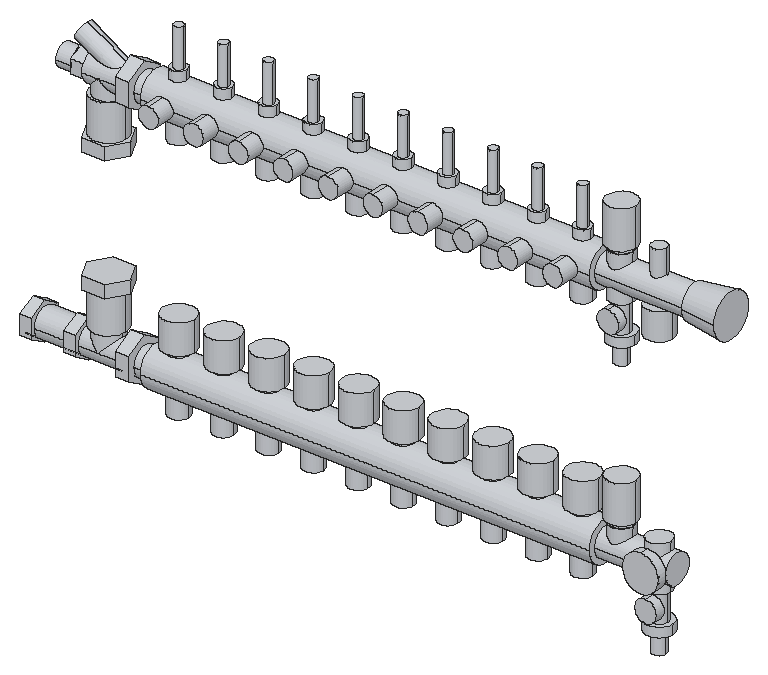
Revit family "318_1dab38ccfa9a4ba2b3cf6a35155c10", category Pipe Accessories, Revit 2017
Family settings
  Round Connector Dimension = Use Diameter
  Part Type = Valve - Normal
  Work Plane-Based = No
  Always vertical = Yes
  Cut with Voids When Loaded = No
  Shared = No
Parameters (values of type "R557FY010")
  magi_piping_qv_2_9 [instance] = 0.0 L/s
  magi_piping_qv_2_8 [instance] = 0.0 L/s
  magi_piping_qv_2_7 [instance] = 0.0 L/s
  magi_piping_qv_2_6 [instance] = 0.0 L/s
  magi_piping_qv_2_5 [instance] = 0.0 L/s
  magi_piping_qv_2_4 [instance] = 0.0 L/s
  magi_piping_qv_2_3 [instance] = 0.0 L/s
  magi_piping_qv_2_2 [instance] = 0.0 L/s
  magi_piping_qv_2_10 [instance] = 0.0 L/s
  magi_piping_qv_2_1 [instance] = 0.0 L/s
  magi_piping_qv_1_9 [instance] = 0.0 L/s
  magi_piping_qv_1_8 [instance] = 0.0 L/s
  magi_piping_qv_1_7 [instance] = 0.0 L/s
  magi_piping_qv_1_6 [instance] = 0.0 L/s
  magi_piping_qv_1_5 [instance] = 0.0 L/s
  magi_piping_qv_1_4 [instance] = 0.0 L/s
  magi_piping_qv_1_3 [instance] = 0.0 L/s
  magi_piping_qv_1_2 [instance] = 0.0 L/s
  magi_piping_qv_1_10 [instance] = 0.0 L/s
  magi_piping_qv_1_1 [instance] = 0.0 L/s
  magi_piping_qv [instance] = 0.0 L/s
  magi_piping_power_9 [instance] = 0 W
  magi_piping_power_8 [instance] = 0 W
  magi_piping_power_7 [instance] = 0 W
  magi_piping_power_6 [instance] = 0 W
  magi_piping_power_5 [instance] = 0 W
  magi_piping_power_4 [instance] = 0 W
  magi_piping_power_3 [instance] = 0 W
  magi_piping_power_2 [instance] = 0 W
  magi_piping_power_10 [instance] = 0 W
  magi_piping_power_1 [instance] = 0 W
  magi_piping_kv_9 [instance] = 0
  magi_piping_kv_8 [instance] = 0
  magi_piping_kv_7 [instance] = 0
  magi_piping_kv_6 [instance] = 0
  magi_piping_kv_5 [instance] = 0
  magi_piping_kv_4 [instance] = 0
  magi_piping_kv_3 [instance] = 0
  magi_piping_kv_2 [instance] = 0
  magi_piping_kv_10 [instance] = 0
  magi_piping_kv_1 [instance] = 0
  magi_piping_dpTot_9 [instance] = 0.0 Pa
  magi_piping_dpTot_8 [instance] = 0.0 Pa
  magi_piping_dpTot_7 [instance] = 0.0 Pa
  magi_piping_dpTot_6 [instance] = 0.0 Pa
  magi_piping_dpTot_5 [instance] = 0.0 Pa
  magi_piping_dpTot_4 [instance] = 0.0 Pa
  magi_piping_dpTot_3 [instance] = 0.0 Pa
  magi_piping_dpTot_2 [instance] = 0.0 Pa
  magi_piping_dpTot_10 [instance] = 0.0 Pa
  magi_piping_dpTot_1 [instance] = 0.0 Pa
  magi_adjustmentValue_9 [instance] = ""
  magi_adjustmentValue_8 [instance] = ""
  magi_adjustmentValue_7 [instance] = ""
  magi_adjustmentValue_6 [instance] = ""
  magi_adjustmentValue_5 [instance] = ""
  magi_adjustmentValue_4 [instance] = ""
  magi_adjustmentValue_3 [instance] = ""
  magi_adjustmentValue_2 [instance] = ""
  magi_adjustmentValue_10 [instance] = ""
  magi_adjustmentValue_1 [instance] = ""
  magiProductId = "1dab38ccfa9a4ba2b3cf6a35155c10"
  magiProductFamilyId = "1dab38ccfa9a4ba2b3cf6a35155c10"
  magiProductCode = "R557FY010"
  magiPartTypeId = 318
  X1 = 127 mm
  VersionID = "2.0/2016.10.37.0/GIACOMINI_R557FY_001"
  VL2__ve = -VL2  # -137 mm
  VL2 = 137 mm
  VL1 = 102 mm
  URL = "http://www.giacomini.com/en"
  SMP = 25 mm
  SBP9 = 18 mm
  SBP8 = 18 mm
  SBP7 = 18 mm
  SBP6 = 18 mm
  SBP5 = 18 mm
  SBP4 = 18 mm
  SBP3 = 18 mm
  SBP2 = 18 mm
  SBP12 = 18 mm
  SBP11 = 18 mm
  SBP10 = 18 mm
  SBP1 = 18 mm
  RMP = 25 mm
  RBP9 = 18 mm
  RBP8 = 18 mm
  RBP7 = 18 mm
  RBP6 = 18 mm
  RBP5 = 18 mm
  RBP4 = 18 mm
  RBP3 = 18 mm
  RBP2 = 18 mm
  RBP12 = 18 mm
  RBP11 = 18 mm
  RBP10 = 18 mm
  RBP1 = 18 mm
  R2 = 22 mm
  QmdConnectorList = "321;SMP;322;SBP1;323;SBP2;324;SBP3;325;SBP4;326;SBP5;327;SBP6;328;SBP7;329;SBP8;330;SBP9;331;SBP10;351;RMP;352;RBP1;353;RBP2;354;RBP3;355;RBP4;356;RBP5;357;RBP6;358;RBP7;359;RBP8;360;RBP9;361;RBP10"
  Productdata [instance] = "© Progman Oy, all rights reserved"
  N9 = yes
  N8 = yes
  N7 = yes
  N6 = yes
  N5 = yes
  N4 = yes
  N3 = yes
  N12 = no
  N11 = no
  N10 = yes
  Manufacturer = "Giacomini"
  MC_Default_elevation = 0 mm
  L = 500 mm
  I = 50 mm
  H5 = 33 mm
  H4 = 5 mm
  H3__ve = -H3  # -40 mm
  H3 = 40 mm
  H2__ve = -H2  # -20 mm
  H2 = 20 mm
  H12 = 42 mm
  H11 = 10 mm
  Flow supply main [instance] = Flow supply 1 + Flow supply 2 + Flow supply 3 + Flow supply 4 + Flow supply 5 + Flow supply 6 + Flow supply 7 + Flow supply 8 + Flow supply 9 + Flow supply 10  # 0.0 L/s
  Flow supply 9 [instance] = 0.0 L/s
  Flow supply 8 [instance] = 0.0 L/s
  Flow supply 7 [instance] = 0.0 L/s
  Flow supply 6 [instance] = 0.0 L/s
  Flow supply 5 [instance] = 0.0 L/s
  Flow supply 4 [instance] = 0.0 L/s
  Flow supply 3 [instance] = 0.0 L/s
  Flow supply 2 [instance] = 0.0 L/s
  Flow supply 10 [instance] = 0.0 L/s
  Flow supply 1 [instance] = 0.0 L/s
  Flow return main [instance] = Flow return 1 + Flow return 2 + Flow return 3 + Flow return 4 + Flow return 5 + Flow return 6 + Flow return 7 + Flow return 8 + Flow return 9 + Flow return 10  # 0.0 L/s
  Flow return 9 [instance] = 0.0 L/s
  Flow return 8 [instance] = 0.0 L/s
  Flow return 7 [instance] = 0.0 L/s
  Flow return 6 [instance] = 0.0 L/s
  Flow return 5 [instance] = 0.0 L/s
  Flow return 4 [instance] = 0.0 L/s
  Flow return 3 [instance] = 0.0 L/s
  Flow return 2 [instance] = 0.0 L/s
  Flow return 10 [instance] = 0.0 L/s
  Flow return 1 [instance] = 0.0 L/s
  E = 274 mm
  Description = "PREASSEMBLED MANIFOLD WITH FLOW METERS"
  D4 = 22 mm
  D32 = 10 mm
  D31 = 18 mm
  D2 = 44 mm
  CAT0 = yes
Reference planes
  plane 1 "Center (Front/Back)": y = 0
  plane 2 "XYPLANE": z = 0
  plane 3 "Center (Left/Right)": x = 0
  plane 4 "INIT_TEMP": y = 100
  plane 5 "386": y = -16
  plane 6 "385": z = -41
  plane 7 "384": z = -67
  plane 8 "383": z = -57
  plane 9 "382": y = -9
  plane 10 "381": z = -315
  plane 11 "380": z = -341
  plane 12 "379": z = -331
  plane 13 "378": z = -213
  plane 14 "377": z = -253
  plane 15 "376": z = -61
  plane 16 "375": z = -21
  plane 17 "374": x = 49
  plane 18 "373": x = 77
  plane 19 "372": x = 17
  plane 20 "371": x = 32
  plane 21 "370": x = -35
  plane 22 "369": x = 27
  plane 23 "368": x = 89
  plane 24 "367": x = -35
  plane 25 "366": x = 102
  plane 26 "365": z = -314
  plane 27 "364": z = -247
  plane 28 "363": z = -252
  plane 29 "362": z = -40
  plane 30 "361": x = 0
  plane 31 "360": y = 0
  plane 32 "359": z = -274
  plane 33 "358": z = 0
  plane 34 "357": z = 22
  plane 35 "356": x = 127
  plane 36 "355": x = 177
  plane 37 "354": y = -22
  plane 38 "353": x = 227
  plane 39 "352": z = 32
  plane 40 "351": x = 277
  plane 41 "350": x = 327
  plane 42 "349": x = 377
  plane 43 "348": x = 427
  plane 44 "347": x = 477
  plane 45 "346": x = 527
  plane 46 "345": x = 577
  plane 47 "344": x = 627
  plane 48 "343": x = 677
  plane 49 "342": x = 602
  plane 50 "341": x = 702
  plane 51 "340": x = 742
  plane 52 "339": x = 620
  plane 53 "338": z = -25
  plane 54 "337": z = 25
  plane 55 "336": z = 30
  plane 56 "335": z = -249
  plane 57 "334": z = -244
  plane 58 "333": z = -16
  plane 59 "332": x = 662
  plane 60 "331": z = -299
  plane 61 "1099": through (77, -750, 0) normal (0.866, 0, -0.5)
Forms (mm)
  Extrusion 1, solid
    sketch origin (750, -16, 0) x (-1, 0, 0) y (0, 0, 1)
      loop
        circle (88, -274) r 20
    from 0 to -10
  Extrusion 2, solid
    sketch origin (-750, 0, -67) x (1, 0, 0) y (0, 1, 0)
      loop
        circle (1370, 0) r 7.5
    from 0 to -22
  Extrusion 3, solid
    sketch origin (750, -9, 0) x (-1, 0, 0) y (0, 0, 1)
      loop
        circle (130, -41) r 12
    from 0 to -10
  Extrusion 4, solid
    sketch origin (750, -9, 0) x (-1, 0, 0) y (0, 0, 1)
      loop
        circle (88, -315) r 12
    from 0 to -10
  Extrusion 5, solid
    sketch origin (-750, 0, -341) x (1, 0, 0) y (0, 1, 0)
      loop
        circle (1412, 0) r 7.5
    from 0 to -22
  Extrusion 6, solid
    sketch origin (-750, 0, -57) x (1, 0, 0) y (0, 1, 0)
      loop
        circle (1370, 0) r 15
    from 0 to -10
  Extrusion 7, solid
    sketch origin (-750, 0, -331) x (1, 0, 0) y (0, 1, 0)
      loop
        circle (1412, 0) r 15
    from 0 to -10
  Extrusion 8, solid
    sketch origin (-750, 0, -299) x (1, 0, 0) y (0, 1, 0)
      loop
        circle (1412, 0) r 9
    from 0 to -32
  Extrusion 9, solid
    sketch origin (-750, 0, -253) x (1, 0, 0) y (0, 1, 0)
      loop
        circle (799, 0) r 19
    from 0 to 40
  Extrusion 10, solid
    sketch origin (-750, 0, -274) x (1, 0, 0) y (0, 1, 0)
      loop
        circle (799, 0) r 16
    from 0 to 21
  Extrusion 11, solid
    sketch origin (-750, 0, -213) x (1, 0, 0) y (0, 1, 0)
      loop
        line (824, 0) -> (811.5, 21.651) -> (786.5, 21.651) -> (774, 0) -> (786.5, -21.651) -> (811.5, -21.651) -> (824, 0)
    from 0 to 14
  Extrusion 12, solid
    sketch origin (-750, 0, -61) x (1, 0, 0) y (0, 1, 0)
      loop
        line (774, 0) -> (786.5, -21.651) -> (811.5, -21.651) -> (824, 0) -> (811.5, 21.651) -> (786.5, 21.651) -> (774, 0)
    from 0 to -14
  Extrusion 13, solid
    sketch origin (-750, 0, 0) x (1, 0, 0) y (0, 1, 0)
      loop
        circle (799, 0) r 16
    from 0 to -21
  Extrusion 14, solid
    sketch origin (-750, 0, -21) x (1, 0, 0) y (0, 1, 0)
      loop
        circle (799, 0) r 19
    from 0 to -40
  Extrusion 15, solid
    sketch origin (77, -750, 0) x (0, 1, 0) y (0.5, 0, 0.866025)
      loop
        circle (750, 0) r 10.5
    from 0 to -65
  Extrusion 16, solid, visible <- "CAT0"
    sketch origin (17, -750, 0) x (0, 1, 0) y (0, 0, 1)
      loop
        circle (750, 0) r 12.5
    from 0 to -17
  Extrusion 17, solid
    sketch origin (32, -750, 0) x (0, 1, 0) y (0, 0, 1)
      loop
        line (750, 15) -> (737.01, 7.5) -> (737.01, -7.5) -> (750, -15) -> (762.99, -7.5) -> (762.99, 7.5) -> (750, 15)
    from 0 to -15
  Extrusion 18, solid
    sketch origin (-35, -750, 0) x (0, 1, 0) y (0, 0, 1)
      loop
        line (750, -253) -> (731.813, -263.5) -> (731.813, -284.5) -> (750, -295) -> (768.187, -284.5) -> (768.187, -263.5) -> (750, -253)
    from 0 to 13
  Extrusion 19, solid
    sketch origin (27, -750, 0) x (0, 1, 0) y (0, 0, 1)
      loop
        line (750, -253) -> (731.813, -263.5) -> (731.813, -284.5) -> (750, -295) -> (768.187, -284.5) -> (768.187, -263.5) -> (750, -253)
    from 0 to -13
  Extrusion 20, solid
    sketch origin (102, -750, 0) x (0, 1, 0) y (0, 0, 1)
      loop
        circle (750, 0) r 16
    from 0 to -70
  Extrusion 21, solid
    sketch origin (89, -750, 0) x (0, 1, 0) y (0, 0, 1)
      loop
        line (750, 25) -> (728.349, 12.5) -> (728.349, -12.5) -> (750, -25) -> (771.651, -12.5) -> (771.651, 12.5) -> (750, 25)
    from 0 to -15
  Extrusion 22, solid
    sketch origin (89, -750, 0) x (0, 1, 0) y (0, 0, 1)
      loop
        line (750, -249) -> (728.349, -261.5) -> (728.349, -286.5) -> (750, -299) -> (771.651, -286.5) -> (771.651, -261.5) -> (750, -249)
    from 0 to -15
  Extrusion 23, solid
    sketch origin (102, -750, 0) x (0, 1, 0) y (0, 0, 1)
      loop
        circle (750, -274) r 16
    from 0 to -137 <- "VL2__ve"
  Extrusion 24, solid, visible <- "N10"
    sketch origin (-750, 0, -274) x (1, 0, 0) y (0, 1, 0)
      loop
        circle (1327, 0) r 11
    from 0 to -40 <- "H3__ve"
  Extrusion 25, solid, visible <- "N10"
    sketch origin (-750, 0, -252) x (1, 0, 0) y (0, 1, 0)
      loop
        circle (1327, 0) r 11
    from 0 to 5 <- "H4"
  Extrusion 26, solid, visible <- "N10"
    sketch origin (-750, 0, -247) x (1, 0, 0) y (0, 1, 0)
      loop
        circle (1327, 0) r 17.5
    from 0 to 33 <- "H5"
  Extrusion 27, solid, visible <- "N12"
    sketch origin (-750, 0, -247) x (1, 0, 0) y (0, 1, 0)
      loop
        circle (1427, 0) r 17.5
    from 0 to 33 <- "H5"
  Extrusion 28, solid, visible <- "N12"
    sketch origin (-750, 0, -252) x (1, 0, 0) y (0, 1, 0)
      loop
        circle (1427, 0) r 11
    from 0 to 5 <- "H4"
  Extrusion 29, solid, visible <- "N12"
    sketch origin (-750, 0, -274) x (1, 0, 0) y (0, 1, 0)
      loop
        circle (1427, 0) r 11
    from 0 to -40 <- "H3__ve"
  Extrusion 30, solid, visible <- "N11"
    sketch origin (-750, 0, -274) x (1, 0, 0) y (0, 1, 0)
      loop
        circle (1377, 0) r 11
    from 0 to -40 <- "H3__ve"
  Extrusion 31, solid, visible <- "N11"
    sketch origin (-750, 0, -252) x (1, 0, 0) y (0, 1, 0)
      loop
        circle (1377, 0) r 11
    from 0 to 5 <- "H4"
  Extrusion 32, solid, visible <- "N11"
    sketch origin (-750, 0, -247) x (1, 0, 0) y (0, 1, 0)
      loop
        circle (1377, 0) r 17.5
    from 0 to 33 <- "H5"
  Extrusion 33, solid, visible <- "N8"
    sketch origin (-750, 0, -247) x (1, 0, 0) y (0, 1, 0)
      loop
        circle (1227, 0) r 17.5
    from 0 to 33 <- "H5"
  Extrusion 34, solid, visible <- "N8"
    sketch origin (-750, 0, -252) x (1, 0, 0) y (0, 1, 0)
      loop
        circle (1227, 0) r 11
    from 0 to 5 <- "H4"
  Extrusion 35, solid, visible <- "N8"
    sketch origin (-750, 0, -274) x (1, 0, 0) y (0, 1, 0)
      loop
        circle (1227, 0) r 11
    from 0 to -40 <- "H3__ve"
  Extrusion 36, solid, visible <- "N9"
    sketch origin (-750, 0, -274) x (1, 0, 0) y (0, 1, 0)
      loop
        circle (1277, 0) r 11
    from 0 to -40 <- "H3__ve"
  Extrusion 37, solid, visible <- "N9"
    sketch origin (-750, 0, -252) x (1, 0, 0) y (0, 1, 0)
      loop
        circle (1277, 0) r 11
    from 0 to 5 <- "H4"
  Extrusion 38, solid, visible <- "N9"
    sketch origin (-750, 0, -247) x (1, 0, 0) y (0, 1, 0)
      loop
        circle (1277, 0) r 17.5
    from 0 to 33 <- "H5"
  Extrusion 39, solid, visible <- "N7"
    sketch origin (-750, 0, -247) x (1, 0, 0) y (0, 1, 0)
      loop
        circle (1177, 0) r 17.5
    from 0 to 33 <- "H5"
  Extrusion 40, solid, visible <- "N7"
    sketch origin (-750, 0, -252) x (1, 0, 0) y (0, 1, 0)
      loop
        circle (1177, 0) r 11
    from 0 to 5 <- "H4"
  Extrusion 41, solid, visible <- "N7"
    sketch origin (-750, 0, -274) x (1, 0, 0) y (0, 1, 0)
      loop
        circle (1177, 0) r 11
    from 0 to -40 <- "H3__ve"
  Extrusion 42, solid, visible <- "N6"
    sketch origin (-750, 0, -274) x (1, 0, 0) y (0, 1, 0)
      loop
        circle (1127, 0) r 11
    from 0 to -40 <- "H3__ve"
  Extrusion 43, solid, visible <- "N6"
    sketch origin (-750, 0, -252) x (1, 0, 0) y (0, 1, 0)
      loop
        circle (1127, 0) r 11
    from 0 to 5 <- "H4"
  Extrusion 44, solid, visible <- "N6"
    sketch origin (-750, 0, -247) x (1, 0, 0) y (0, 1, 0)
      loop
        circle (1127, 0) r 17.5
    from 0 to 33 <- "H5"
  Extrusion 45, solid, visible <- "N5"
    sketch origin (-750, 0, -247) x (1, 0, 0) y (0, 1, 0)
      loop
        circle (1077, 0) r 17.5
    from 0 to 33 <- "H5"
  Extrusion 46, solid, visible <- "N5"
    sketch origin (-750, 0, -252) x (1, 0, 0) y (0, 1, 0)
      loop
        circle (1077, 0) r 11
    from 0 to 5 <- "H4"
  Extrusion 47, solid, visible <- "N5"
    sketch origin (-750, 0, -274) x (1, 0, 0) y (0, 1, 0)
      loop
        circle (1077, 0) r 11
    from 0 to -40 <- "H3__ve"
  Extrusion 48, solid, visible <- "N4"
    sketch origin (-750, 0, -274) x (1, 0, 0) y (0, 1, 0)
      loop
        circle (1027, 0) r 11
    from 0 to -40 <- "H3__ve"
  Extrusion 49, solid, visible <- "N4"
    sketch origin (-750, 0, -252) x (1, 0, 0) y (0, 1, 0)
      loop
        circle (1027, 0) r 11
    from 0 to 5 <- "H4"
  Extrusion 50, solid, visible <- "N4"
    sketch origin (-750, 0, -247) x (1, 0, 0) y (0, 1, 0)
      loop
        circle (1027, 0) r 17.5
    from 0 to 33 <- "H5"
  Extrusion 51, solid, visible <- "N3"
    sketch origin (-750, 0, -247) x (1, 0, 0) y (0, 1, 0)
      loop
        circle (977, 0) r 17.5
    from 0 to 33 <- "H5"
  Extrusion 52, solid, visible <- "N3"
    sketch origin (-750, 0, -252) x (1, 0, 0) y (0, 1, 0)
      loop
        circle (977, 0) r 11
    from 0 to 5 <- "H4"
  Extrusion 53, solid
    sketch origin (-750, 0, -252) x (1, 0, 0) y (0, 1, 0)
      loop
        circle (927, 0) r 11
    from 0 to 5 <- "H4"
  Extrusion 54, solid
    sketch origin (-750, 0, -247) x (1, 0, 0) y (0, 1, 0)
      loop
        circle (927, 0) r 17.5
    from 0 to 33 <- "H5"
  Extrusion 55, solid
    sketch origin (-750, 0, -247) x (1, 0, 0) y (0, 1, 0)
      loop
        circle (877, 0) r 17.5
    from 0 to 33 <- "H5"
  Extrusion 56, solid
    sketch origin (-750, 0, -252) x (1, 0, 0) y (0, 1, 0)
      loop
        circle (877, 0) r 11
    from 0 to 5 <- "H4"
  Extrusion 57, solid, visible <- "N3"
    sketch origin (-750, 0, -274) x (1, 0, 0) y (0, 1, 0)
      loop
        circle (977, 0) r 11
    from 0 to -40 <- "H3__ve"
  Extrusion 58, solid
    sketch origin (-750, 0, -274) x (1, 0, 0) y (0, 1, 0)
      loop
        circle (877, 0) r 11
    from 0 to -40 <- "H3__ve"
  Extrusion 59, solid
    sketch origin (-750, 0, -274) x (1, 0, 0) y (0, 1, 0)
      loop
        circle (927, 0) r 11
    from 0 to -40 <- "H3__ve"
  Extrusion 60, solid
    sketch origin (102, -750, 0) x (0, 1, 0) y (0, 0, 1)
      loop
        circle (750, -274) r 22
    from 0 to 500 <- "L"
  Extrusion 61, solid, visible <- "N8"
    sketch origin (-750, 0, 0) x (1, 0, 0) y (0, 1, 0)
      loop
        circle (1227, 0) r 11
    from 0 to -40 <- "H3__ve"
  Extrusion 62, solid, visible <- "N9"
    sketch origin (-750, 0, 0) x (1, 0, 0) y (0, 1, 0)
      loop
        circle (1277, 0) r 11
    from 0 to -40 <- "H3__ve"
  Extrusion 63, solid, visible <- "N10"
    sketch origin (-750, 0, 0) x (1, 0, 0) y (0, 1, 0)
      loop
        circle (1327, 0) r 11
    from 0 to -40 <- "H3__ve"
  Extrusion 64, solid, visible <- "N11"
    sketch origin (-750, 0, 0) x (1, 0, 0) y (0, 1, 0)
      loop
        circle (1377, 0) r 11
    from 0 to -40 <- "H3__ve"
  Extrusion 65, solid, visible <- "N12"
    sketch origin (-750, 0, 0) x (1, 0, 0) y (0, 1, 0)
      loop
        circle (1427, 0) r 11
    from 0 to -40 <- "H3__ve"
  Extrusion 66, solid, visible <- "N7"
    sketch origin (-750, 0, 0) x (1, 0, 0) y (0, 1, 0)
      loop
        circle (1177, 0) r 11
    from 0 to -40 <- "H3__ve"
  Extrusion 67, solid, visible <- "N6"
    sketch origin (-750, 0, 0) x (1, 0, 0) y (0, 1, 0)
      loop
        circle (1127, 0) r 11
    from 0 to -40 <- "H3__ve"
  Extrusion 68, solid, visible <- "N5"
    sketch origin (-750, 0, 0) x (1, 0, 0) y (0, 1, 0)
      loop
        circle (1077, 0) r 11
    from 0 to -40 <- "H3__ve"
  Extrusion 69, solid, visible <- "N4"
    sketch origin (-750, 0, 0) x (1, 0, 0) y (0, 1, 0)
      loop
        circle (1027, 0) r 11
    from 0 to -40 <- "H3__ve"
  Extrusion 70, solid, visible <- "N3"
    sketch origin (-750, 0, 0) x (1, 0, 0) y (0, 1, 0)
      loop
        circle (977, 0) r 11
    from 0 to -40 <- "H3__ve"
  Extrusion 71, solid
    sketch origin (-750, 0, 0) x (1, 0, 0) y (0, 1, 0)
      loop
        circle (927, 0) r 11
    from 0 to -40 <- "H3__ve"
  Extrusion 72, solid
    sketch origin (-750, 0, 0) x (1, 0, 0) y (0, 1, 0)
      loop
        circle (877, 0) r 11
    from 0 to -40 <- "H3__ve"
  Extrusion 73, solid
    sketch origin (102, -750, 0) x (0, 1, 0) y (0, 0, 1)
      loop
        circle (750, 0) r 22
    from 0 to 500 <- "L"
  Extrusion 74, solid
    sketch origin (-750, 0, 22) x (1, 0, 0) y (0, 1, 0)
      loop
        circle (877, 0) r 9
    from 0 to 10 <- "H11"
  Extrusion 75, solid
    sketch origin (750, -22, 0) x (-1, 0, 0) y (0, 0, 1)
      loop
        circle (623, 0) r 11
    from 0 to -20 <- "H2__ve"
  Extrusion 76, solid
    sketch origin (750, -22, 0) x (-1, 0, 0) y (0, 0, 1)
      loop
        circle (573, 0) r 11
    from 0 to -20 <- "H2__ve"
  Extrusion 77, solid, visible <- "N3"
    sketch origin (750, -22, 0) x (-1, 0, 0) y (0, 0, 1)
      loop
        circle (523, 0) r 11
    from 0 to -20 <- "H2__ve"
  Extrusion 78, solid
    sketch origin (-750, 0, 32) x (1, 0, 0) y (0, 1, 0)
      loop
        circle (877, 0) r 5
    from 0 to 42 <- "H12"
  Extrusion 79, solid
    sketch origin (-750, 0, 32) x (1, 0, 0) y (0, 1, 0)
      loop
        circle (927, 0) r 5
    from 0 to 42 <- "H12"
  Extrusion 80, solid
    sketch origin (-750, 0, 22) x (1, 0, 0) y (0, 1, 0)
      loop
        circle (927, 0) r 9
    from 0 to 10 <- "H11"
  Extrusion 81, solid, visible <- "N3"
    sketch origin (-750, 0, 22) x (1, 0, 0) y (0, 1, 0)
      loop
        circle (977, 0) r 9
    from 0 to 10 <- "H11"
  Extrusion 82, solid, visible <- "N3"
    sketch origin (-750, 0, 32) x (1, 0, 0) y (0, 1, 0)
      loop
        circle (977, 0) r 5
    from 0 to 42 <- "H12"
  Extrusion 83, solid, visible <- "N4"
    sketch origin (-750, 0, 32) x (1, 0, 0) y (0, 1, 0)
      loop
        circle (1027, 0) r 5
    from 0 to 42 <- "H12"
  Extrusion 84, solid, visible <- "N4"
    sketch origin (-750, 0, 22) x (1, 0, 0) y (0, 1, 0)
      loop
        circle (1027, 0) r 9
    from 0 to 10 <- "H11"
  Extrusion 85, solid, visible <- "N4"
    sketch origin (750, -22, 0) x (-1, 0, 0) y (0, 0, 1)
      loop
        circle (473, 0) r 11
    from 0 to -20 <- "H2__ve"
  Extrusion 86, solid, visible <- "N5"
    sketch origin (750, -22, 0) x (-1, 0, 0) y (0, 0, 1)
      loop
        circle (423, 0) r 11
    from 0 to -20 <- "H2__ve"
  Extrusion 87, solid, visible <- "N5"
    sketch origin (-750, 0, 22) x (1, 0, 0) y (0, 1, 0)
      loop
        circle (1077, 0) r 9
    from 0 to 10 <- "H11"
  Extrusion 88, solid, visible <- "N5"
    sketch origin (-750, 0, 32) x (1, 0, 0) y (0, 1, 0)
      loop
        circle (1077, 0) r 5
    from 0 to 42 <- "H12"
  Extrusion 89, solid, visible <- "N6"
    sketch origin (-750, 0, 32) x (1, 0, 0) y (0, 1, 0)
      loop
        circle (1127, 0) r 5
    from 0 to 42 <- "H12"
  Extrusion 90, solid, visible <- "N6"
    sketch origin (-750, 0, 22) x (1, 0, 0) y (0, 1, 0)
      loop
        circle (1127, 0) r 9
    from 0 to 10 <- "H11"
  Extrusion 91, solid, visible <- "N6"
    sketch origin (750, -22, 0) x (-1, 0, 0) y (0, 0, 1)
      loop
        circle (373, 0) r 11
    from 0 to -20 <- "H2__ve"
  Extrusion 92, solid, visible <- "N7"
    sketch origin (750, -22, 0) x (-1, 0, 0) y (0, 0, 1)
      loop
        circle (323, 0) r 11
    from 0 to -20 <- "H2__ve"
  Extrusion 93, solid, visible <- "N7"
    sketch origin (-750, 0, 22) x (1, 0, 0) y (0, 1, 0)
      loop
        circle (1177, 0) r 9
    from 0 to 10 <- "H11"
  Extrusion 94, solid, visible <- "N7"
    sketch origin (-750, 0, 32) x (1, 0, 0) y (0, 1, 0)
      loop
        circle (1177, 0) r 5
    from 0 to 42 <- "H12"
  Extrusion 95, solid, visible <- "N8"
    sketch origin (-750, 0, 32) x (1, 0, 0) y (0, 1, 0)
      loop
        circle (1227, 0) r 5
    from 0 to 42 <- "H12"
  Extrusion 96, solid, visible <- "N8"
    sketch origin (-750, 0, 22) x (1, 0, 0) y (0, 1, 0)
      loop
        circle (1227, 0) r 9
    from 0 to 10 <- "H11"
  Extrusion 97, solid, visible <- "N8"
    sketch origin (750, -22, 0) x (-1, 0, 0) y (0, 0, 1)
      loop
        circle (273, 0) r 11
    from 0 to -20 <- "H2__ve"
  Extrusion 98, solid, visible <- "N10"
    sketch origin (750, -22, 0) x (-1, 0, 0) y (0, 0, 1)
      loop
        circle (173, 0) r 11
    from 0 to -20 <- "H2__ve"
  Extrusion 99, solid, visible <- "N10"
    sketch origin (-750, 0, 22) x (1, 0, 0) y (0, 1, 0)
      loop
        circle (1327, 0) r 9
    from 0 to 10 <- "H11"
  Extrusion 100, solid, visible <- "N10"
    sketch origin (-750, 0, 32) x (1, 0, 0) y (0, 1, 0)
      loop
        circle (1327, 0) r 5
    from 0 to 42 <- "H12"
  Extrusion 101, solid, visible <- "N9"
    sketch origin (-750, 0, 32) x (1, 0, 0) y (0, 1, 0)
      loop
        circle (1277, 0) r 5
    from 0 to 42 <- "H12"
  Extrusion 102, solid, visible <- "N9"
    sketch origin (-750, 0, 22) x (1, 0, 0) y (0, 1, 0)
      loop
        circle (1277, 0) r 9
    from 0 to 10 <- "H11"
  Extrusion 103, solid, visible <- "N9"
    sketch origin (750, -22, 0) x (-1, 0, 0) y (0, 0, 1)
      loop
        circle (223, 0) r 11
    from 0 to -20 <- "H2__ve"
  Extrusion 104, solid, visible <- "N11"
    sketch origin (-750, 0, 32) x (1, 0, 0) y (0, 1, 0)
      loop
        circle (1377, 0) r 5
    from 0 to 42 <- "H12"
  Extrusion 105, solid, visible <- "N11"
    sketch origin (-750, 0, 22) x (1, 0, 0) y (0, 1, 0)
      loop
        circle (1377, 0) r 9
    from 0 to 10 <- "H11"
  Extrusion 106, solid, visible <- "N11"
    sketch origin (750, -22, 0) x (-1, 0, 0) y (0, 0, 1)
      loop
        circle (123, 0) r 11
    from 0 to -20 <- "H2__ve"
  Extrusion 107, solid, visible <- "N12"
    sketch origin (750, -22, 0) x (-1, 0, 0) y (0, 0, 1)
      loop
        circle (73, 0) r 11
    from 0 to -20 <- "H2__ve"
  Extrusion 108, solid, visible <- "N12"
    sketch origin (-750, 0, 22) x (1, 0, 0) y (0, 1, 0)
      loop
        circle (1427, 0) r 9
    from 0 to 10 <- "H11"
  Extrusion 109, solid, visible <- "N12"
    sketch origin (-750, 0, 32) x (1, 0, 0) y (0, 1, 0)
      loop
        circle (1427, 0) r 5
    from 0 to 42 <- "H12"
  Extrusion 110, solid
    sketch origin (602, -750, 0) x (0, 1, 0) y (0, 0, 1)
      loop
        circle (750, 0) r 16
    from 0 to 100
  Blend 111, solid
    base sketch origin (702, -750, 0) x (0, 1, 0) y (0, 0, 1)
      loop
        circle (750, 0) r 19
    top sketch origin (702, -750, 0) x (0, 1, 0) y (0, 0, 1)
      loop
        circle (750, 0) r 24
    from 0 to 40
  Extrusion 112, solid
    sketch origin (-750, 0, -25) x (1, 0, 0) y (0, 1, 0)
      loop
        circle (1370, 0) r 13
    from 0 to 50
  Extrusion 113, solid
    sketch origin (-750, 0, 25) x (1, 0, 0) y (0, 1, 0)
      loop
        line (1383, 0) -> (1376.5, 11.258) -> (1363.5, 11.258) -> (1357, 0) -> (1363.5, -11.258) -> (1376.5, -11.258) -> (1383, 0)
    from 0 to 5
  Extrusion 114, solid
    sketch origin (-750, 0, 30) x (1, 0, 0) y (0, 1, 0)
      loop
        circle (1370, 0) r 16
    from 0 to 42
  Extrusion 115, solid
    sketch origin (602, -750, 0) x (0, 1, 0) y (0, 0, 1)
      loop
        circle (750, -274) r 16
    from 0 to 80
  Extrusion 116, solid
    sketch origin (-750, 0, -274) x (1, 0, 0) y (0, 1, 0)
      loop
        circle (1370, 0) r 13
    from 0 to 25
  Extrusion 117, solid
    sketch origin (-750, 0, -244) x (1, 0, 0) y (0, 1, 0)
      loop
        circle (1370, 0) r 16
    from 0 to 42
  Extrusion 118, solid
    sketch origin (-750, 0, -249) x (1, 0, 0) y (0, 1, 0)
      loop
        line (1383, 0) -> (1376.5, 11.258) -> (1363.5, 11.258) -> (1357, 0) -> (1363.5, -11.258) -> (1376.5, -11.258) -> (1383, 0)
    from 0 to 5
  Extrusion 119, solid, visible <- "CAT0"
    sketch origin (-750, 0, -16) x (1, 0, 0) y (0, 1, 0)
      loop
        circle (1412, 0) r 15
    from 0 to -30
  Extrusion 120, solid, visible <- "CAT0"
    sketch origin (-750, 0, 0) x (1, 0, 0) y (0, 1, 0)
      loop
        circle (1412, 0) r 8
    from 0 to 42
  Extrusion 121, solid
    sketch origin (-750, 0, -25) x (1, 0, 0) y (0, 1, 0)
      loop
        circle (1370, 0) r 9
    from 0 to -32
  Extrusion 122, solid
    sketch origin (-750, 0, -299) x (1, 0, 0) y (0, 1, 0)
      loop
        circle (1412, 0) r 13
    from 0 to 50
  Extrusion 123, solid, not visible
    sketch origin (-750, 0, -314) x (1, 0, 0) y (0, 1, 0)
      loop
        circle (1327, 0) r 10
    from 0 to 10
  Extrusion 124, solid, not visible
    sketch origin (-750, 0, -314) x (1, 0, 0) y (0, 1, 0)
      loop
        circle (1227, 0) r 10
    from 0 to 10
  Extrusion 125, solid, not visible
    sketch origin (-750, 0, -314) x (1, 0, 0) y (0, 1, 0)
      loop
        circle (1277, 0) r 10
    from 0 to 10
  Extrusion 126, solid, not visible
    sketch origin (-750, 0, -314) x (1, 0, 0) y (0, 1, 0)
      loop
        circle (1177, 0) r 10
    from 0 to 10
  Extrusion 127, solid, not visible
    sketch origin (-750, 0, -314) x (1, 0, 0) y (0, 1, 0)
      loop
        circle (1127, 0) r 10
    from 0 to 10
  Extrusion 128, solid, not visible
    sketch origin (-750, 0, -314) x (1, 0, 0) y (0, 1, 0)
      loop
        circle (1077, 0) r 10
    from 0 to 10
  Extrusion 129, solid, not visible
    sketch origin (-750, 0, -314) x (1, 0, 0) y (0, 1, 0)
      loop
        circle (1027, 0) r 10
    from 0 to 10
  Extrusion 130, solid, not visible
    sketch origin (-750, 0, -314) x (1, 0, 0) y (0, 1, 0)
      loop
        circle (927, 0) r 10
    from 0 to 10
  Extrusion 131, solid, not visible
    sketch origin (-750, 0, -314) x (1, 0, 0) y (0, 1, 0)
      loop
        circle (877, 0) r 10
    from 0 to 10
  Extrusion 132, solid, not visible
    sketch origin (-750, 0, -314) x (1, 0, 0) y (0, 1, 0)
      loop
        circle (977, 0) r 10
    from 0 to 10
  Extrusion 133, solid, not visible
    sketch origin (-750, 0, -40) x (1, 0, 0) y (0, 1, 0)
      loop
        circle (1227, 0) r 10
    from 0 to 10
  Extrusion 134, solid, not visible
    sketch origin (-750, 0, -40) x (1, 0, 0) y (0, 1, 0)
      loop
        circle (1277, 0) r 10
    from 0 to 10
  Extrusion 135, solid, not visible
    sketch origin (-750, 0, -40) x (1, 0, 0) y (0, 1, 0)
      loop
        circle (1327, 0) r 10
    from 0 to 10
  Extrusion 136, solid, not visible
    sketch origin (-750, 0, -40) x (1, 0, 0) y (0, 1, 0)
      loop
        circle (1177, 0) r 10
    from 0 to 10
  Extrusion 137, solid, not visible
    sketch origin (-750, 0, -40) x (1, 0, 0) y (0, 1, 0)
      loop
        circle (1127, 0) r 10
    from 0 to 10
  Extrusion 138, solid, not visible
    sketch origin (-750, 0, -40) x (1, 0, 0) y (0, 1, 0)
      loop
        circle (1077, 0) r 10
    from 0 to 10
  Extrusion 139, solid, not visible
    sketch origin (-750, 0, -40) x (1, 0, 0) y (0, 1, 0)
      loop
        circle (1027, 0) r 10
    from 0 to 10
  Extrusion 140, solid, not visible
    sketch origin (-750, 0, -40) x (1, 0, 0) y (0, 1, 0)
      loop
        circle (977, 0) r 10
    from 0 to 10
  Extrusion 141, solid, not visible
    sketch origin (0, -750, 0) x (0, 1, 0) y (0, 0, 1)
      loop
        circle (750, 0) r 10
    from 0 to 10
  Extrusion 142, solid, not visible
    sketch origin (-35, -750, 0) x (0, 1, 0) y (0, 0, 1)
      loop
        circle (750, -274) r 10
    from 0 to 10
  Extrusion 143, solid, not visible
    sketch origin (-750, 0, -40) x (1, 0, 0) y (0, 1, 0)
      loop
        circle (877, 0) r 10
    from 0 to 10
  Extrusion 144, solid, not visible
    sketch origin (-750, 0, -40) x (1, 0, 0) y (0, 1, 0)
      loop
        circle (927, 0) r 10
    from 0 to 10
Text (mm)
  text "© Progman Oy, all rights reserved" at (-472.209, -2482.653, 0), in view "Ref. Level"
Dimensions and locks
  plane 4 "INIT_TEMP" to plane 1 "Center (Front/Back)" = 100 mm
  locked: plane 1 "Center (Front/Back)" to plane 5 "386" at 16
  locked: plane 53 "338" to plane 6 "385" at 16
  locked: plane 8 "383" to plane 7 "384" at 10
  locked: plane 53 "338" to plane 8 "383" at 32
  locked: plane 1 "Center (Front/Back)" to plane 9 "382" at 9
  locked: plane 60 "331" to plane 10 "381" at 16
  locked: plane 12 "379" to plane 11 "380" at 10
  locked: plane 60 "331" to plane 12 "379" at 32
  locked: plane 14 "377" to plane 13 "378" at 40
  locked: plane 32 "359" to plane 14 "377" at 21
  locked: plane 16 "375" to plane 15 "376" at 40
  locked: plane 2 "XYPLANE" to plane 16 "375" at 21
  locked: plane 25 "366" to plane 17 "374" at 53
  locked: plane 25 "366" to plane 18 "373" at 25
  locked: plane 20 "371" to plane 19 "372" at 15
  locked: plane 25 "366" to plane 20 "371" at 70
  "VL2": plane 25 "366" to plane 21 "370"
  locked: plane 23 "368" to plane 22 "369" at 62
  locked: plane 25 "366" to plane 23 "368" at 13
  "VL2": plane 25 "366" to plane 24 "367"
  "VL1": plane 3 "Center (Left/Right)" to plane 25 "366"
  "H3": plane 32 "359" to plane 26 "365"
  "H4": plane 28 "363" to plane 27 "364"
  "R2": plane 32 "359" to plane 28 "363"
  "H3": plane 2 "XYPLANE" to plane 29 "362"
  locked: plane 3 "Center (Left/Right)" to plane 30 "361"
  locked: plane 1 "Center (Front/Back)" to plane 31 "360"
  "E": plane 2 "XYPLANE" to plane 32 "359"
  locked: plane 2 "XYPLANE" to plane 33 "358"
  "R2": plane 2 "XYPLANE" to plane 34 "357"
  "X1": plane 3 "Center (Left/Right)" to plane 35 "356"
  "I": plane 35 "356" to plane 36 "355"
  "R2": plane 1 "Center (Front/Back)" to plane 37 "354"
  "I": plane 36 "355" to plane 38 "353"
  "H11": plane 34 "357" to plane 39 "352"
  "I": plane 38 "353" to plane 40 "351"
  "I": plane 40 "351" to plane 41 "350"
  "I": plane 41 "350" to plane 42 "349"
  "I": plane 42 "349" to plane 43 "348"
  "I": plane 43 "348" to plane 44 "347"
  "I": plane 44 "347" to plane 45 "346"
  "I": plane 45 "346" to plane 46 "345"
  "I": plane 46 "345" to plane 47 "344"
  "I": plane 47 "344" to plane 48 "343"
  "L": plane 25 "366" to plane 49 "342"
  locked: plane 49 "342" to plane 50 "341" at 100
  locked: plane 50 "341" to plane 51 "340" at 40
  locked: plane 49 "342" to plane 52 "339" at 18
  locked: plane 2 "XYPLANE" to plane 53 "338" at 25
  locked: plane 53 "338" to plane 54 "337" at 50
  locked: plane 54 "337" to plane 55 "336" at 5
  locked: plane 32 "359" to plane 56 "335" at 25
  locked: plane 56 "335" to plane 57 "334" at 5
  locked: plane 2 "XYPLANE" to plane 58 "333" at 16
  locked: plane 49 "342" to plane 59 "332" at 60
  locked: plane 32 "359" to plane 60 "331" at 25
  "D4": diameter of Extrusion 24 sketch curve
  "D4": diameter of Extrusion 25 sketch curve
  diameter of Extrusion 26 sketch curve = 35 mm
  diameter of Extrusion 27 sketch curve = 35 mm
  "D4": diameter of Extrusion 28 sketch curve
  "D4": diameter of Extrusion 29 sketch curve
  "D4": diameter of Extrusion 30 sketch curve
  "D4": diameter of Extrusion 31 sketch curve
  diameter of Extrusion 32 sketch curve = 35 mm
  diameter of Extrusion 33 sketch curve = 35 mm
  "D4": diameter of Extrusion 34 sketch curve
  "D4": diameter of Extrusion 35 sketch curve
  "D4": diameter of Extrusion 36 sketch curve
  "D4": diameter of Extrusion 37 sketch curve
  diameter of Extrusion 38 sketch curve = 35 mm
  diameter of Extrusion 39 sketch curve = 35 mm
  "D4": diameter of Extrusion 40 sketch curve
  "D4": diameter of Extrusion 41 sketch curve
  "D4": diameter of Extrusion 42 sketch curve
  "D4": diameter of Extrusion 43 sketch curve
  diameter of Extrusion 44 sketch curve = 35 mm
  diameter of Extrusion 45 sketch curve = 35 mm
  "D4": diameter of Extrusion 46 sketch curve
  "D4": diameter of Extrusion 47 sketch curve
  "D4": diameter of Extrusion 48 sketch curve
  "D4": diameter of Extrusion 49 sketch curve
  diameter of Extrusion 50 sketch curve = 35 mm
  diameter of Extrusion 51 sketch curve = 35 mm
  "D4": diameter of Extrusion 52 sketch curve
  "D4": diameter of Extrusion 53 sketch curve
  diameter of Extrusion 54 sketch curve = 35 mm
  diameter of Extrusion 55 sketch curve = 35 mm
  "D4": diameter of Extrusion 56 sketch curve
  "D4": diameter of Extrusion 57 sketch curve
  "D4": diameter of Extrusion 58 sketch curve
  "D4": diameter of Extrusion 59 sketch curve
  "D2": diameter of Extrusion 60 sketch curve
  "D4": diameter of Extrusion 61 sketch curve
  "D4": diameter of Extrusion 62 sketch curve
  "D4": diameter of Extrusion 63 sketch curve
  "D4": diameter of Extrusion 64 sketch curve
  "D4": diameter of Extrusion 65 sketch curve
  "D4": diameter of Extrusion 66 sketch curve
  "D4": diameter of Extrusion 67 sketch curve
  "D4": diameter of Extrusion 68 sketch curve
  "D4": diameter of Extrusion 69 sketch curve
  "D4": diameter of Extrusion 70 sketch curve
  "D4": diameter of Extrusion 71 sketch curve
  "D4": diameter of Extrusion 72 sketch curve
  "D2": diameter of Extrusion 73 sketch curve
  "D31": diameter of Extrusion 74 sketch curve
  "D4": diameter of Extrusion 75 sketch curve
  "D4": diameter of Extrusion 76 sketch curve
  "D4": diameter of Extrusion 77 sketch curve
  "D32": diameter of Extrusion 78 sketch curve
  "D32": diameter of Extrusion 79 sketch curve
  "D31": diameter of Extrusion 80 sketch curve
  "D31": diameter of Extrusion 81 sketch curve
  "D32": diameter of Extrusion 82 sketch curve
  "D32": diameter of Extrusion 83 sketch curve
  "D31": diameter of Extrusion 84 sketch curve
  "D4": diameter of Extrusion 85 sketch curve
  "D4": diameter of Extrusion 86 sketch curve
  "D31": diameter of Extrusion 87 sketch curve
  "D32": diameter of Extrusion 88 sketch curve
  "D32": diameter of Extrusion 89 sketch curve
  "D31": diameter of Extrusion 90 sketch curve
  "D4": diameter of Extrusion 91 sketch curve
  "D4": diameter of Extrusion 92 sketch curve
  "D31": diameter of Extrusion 93 sketch curve
  "D32": diameter of Extrusion 94 sketch curve
  "D32": diameter of Extrusion 95 sketch curve
  "D31": diameter of Extrusion 96 sketch curve
  "D4": diameter of Extrusion 97 sketch curve
  "D4": diameter of Extrusion 98 sketch curve
  "D31": diameter of Extrusion 99 sketch curve
  "D32": diameter of Extrusion 100 sketch curve
  "D32": diameter of Extrusion 101 sketch curve
  "D31": diameter of Extrusion 102 sketch curve
  "D4": diameter of Extrusion 103 sketch curve
  "D32": diameter of Extrusion 104 sketch curve
  "D31": diameter of Extrusion 105 sketch curve
  "D4": diameter of Extrusion 106 sketch curve
  "D4": diameter of Extrusion 107 sketch curve
  "D31": diameter of Extrusion 108 sketch curve
  "D32": diameter of Extrusion 109 sketch curve
  aligned and locked: level to plane 2 "XYPLANE"
  aligned and locked: plane 32 "359" to Extrusion 1 sketch curve
  aligned and locked: plane 59 "332" to Extrusion 1 sketch curve
  aligned and locked: plane 31 "360" to Extrusion 2 sketch curve
  aligned and locked: plane 52 "339" to Extrusion 2 sketch curve
  aligned and locked: plane 6 "385" to Extrusion 3 sketch curve
  aligned and locked: plane 52 "339" to Extrusion 3 sketch curve
  aligned and locked: plane 10 "381" to Extrusion 4 sketch curve
  aligned and locked: plane 59 "332" to Extrusion 4 sketch curve
  aligned and locked: plane 31 "360" to Extrusion 5 sketch curve
  aligned and locked: plane 59 "332" to Extrusion 5 sketch curve
  aligned and locked: plane 31 "360" to Extrusion 6 sketch curve
  aligned and locked: plane 52 "339" to Extrusion 6 sketch curve
  aligned and locked: plane 31 "360" to Extrusion 7 sketch curve
  aligned and locked: plane 59 "332" to Extrusion 7 sketch curve
  aligned and locked: plane 31 "360" to Extrusion 8 sketch curve
  aligned and locked: plane 59 "332" to Extrusion 8 sketch curve
  aligned and locked: plane 17 "374" to Extrusion 9 sketch curve
  aligned and locked: plane 31 "360" to Extrusion 9 sketch curve
  aligned and locked: plane 17 "374" to Extrusion 10 sketch curve
  aligned and locked: plane 31 "360" to Extrusion 10 sketch curve
  aligned and locked: plane 17 "374" to Extrusion 13 sketch curve
  aligned and locked: plane 31 "360" to Extrusion 13 sketch curve
  aligned and locked: plane 17 "374" to Extrusion 14 sketch curve
  aligned and locked: plane 31 "360" to Extrusion 14 sketch curve
  aligned and locked: plane 31 "360" to Extrusion 15 sketch curve
  aligned and locked: Extrusion 16 sketch curve to plane 31 "360"
  aligned and locked: plane 33 "358" to Extrusion 16 sketch curve
  aligned and locked: Extrusion 20 sketch curve to plane 31 "360"
  aligned and locked: plane 33 "358" to Extrusion 20 sketch curve
  aligned and locked: Extrusion 23 sketch curve to plane 31 "360"
  aligned and locked: plane 32 "359" to Extrusion 23 sketch curve
  aligned and locked: plane 31 "360" to Extrusion 24 sketch curve
  aligned and locked: plane 46 "345" to Extrusion 24 sketch curve
  aligned and locked: plane 31 "360" to Extrusion 25 sketch curve
  aligned and locked: plane 46 "345" to Extrusion 25 sketch curve
  aligned and locked: plane 31 "360" to Extrusion 26 sketch curve
  aligned and locked: plane 46 "345" to Extrusion 26 sketch curve
  aligned and locked: plane 31 "360" to Extrusion 27 sketch curve
  aligned and locked: plane 48 "343" to Extrusion 27 sketch curve
  aligned and locked: plane 31 "360" to Extrusion 28 sketch curve
  aligned and locked: plane 48 "343" to Extrusion 28 sketch curve
  aligned and locked: plane 31 "360" to Extrusion 29 sketch curve
  aligned and locked: plane 48 "343" to Extrusion 29 sketch curve
  aligned and locked: plane 31 "360" to Extrusion 30 sketch curve
  aligned and locked: plane 47 "344" to Extrusion 30 sketch curve
  aligned and locked: plane 31 "360" to Extrusion 31 sketch curve
  aligned and locked: plane 47 "344" to Extrusion 31 sketch curve
  aligned and locked: plane 31 "360" to Extrusion 32 sketch curve
  aligned and locked: plane 47 "344" to Extrusion 32 sketch curve
  aligned and locked: plane 31 "360" to Extrusion 33 sketch curve
  aligned and locked: plane 44 "347" to Extrusion 33 sketch curve
  aligned and locked: plane 31 "360" to Extrusion 34 sketch curve
  aligned and locked: plane 44 "347" to Extrusion 34 sketch curve
  aligned and locked: plane 31 "360" to Extrusion 35 sketch curve
  aligned and locked: plane 44 "347" to Extrusion 35 sketch curve
  aligned and locked: plane 31 "360" to Extrusion 36 sketch curve
  aligned and locked: plane 45 "346" to Extrusion 36 sketch curve
  aligned and locked: plane 31 "360" to Extrusion 37 sketch curve
  aligned and locked: plane 45 "346" to Extrusion 37 sketch curve
  aligned and locked: plane 31 "360" to Extrusion 38 sketch curve
  aligned and locked: plane 45 "346" to Extrusion 38 sketch curve
  aligned and locked: plane 31 "360" to Extrusion 39 sketch curve
  aligned and locked: plane 43 "348" to Extrusion 39 sketch curve
  aligned and locked: plane 31 "360" to Extrusion 40 sketch curve
  aligned and locked: plane 43 "348" to Extrusion 40 sketch curve
  aligned and locked: plane 31 "360" to Extrusion 41 sketch curve
  aligned and locked: plane 43 "348" to Extrusion 41 sketch curve
  aligned and locked: plane 31 "360" to Extrusion 42 sketch curve
  aligned and locked: plane 42 "349" to Extrusion 42 sketch curve
  aligned and locked: plane 31 "360" to Extrusion 43 sketch curve
  aligned and locked: plane 42 "349" to Extrusion 43 sketch curve
  aligned and locked: plane 31 "360" to Extrusion 44 sketch curve
  aligned and locked: plane 42 "349" to Extrusion 44 sketch curve
  aligned and locked: plane 31 "360" to Extrusion 45 sketch curve
  aligned and locked: plane 41 "350" to Extrusion 45 sketch curve
  aligned and locked: plane 31 "360" to Extrusion 46 sketch curve
  aligned and locked: plane 41 "350" to Extrusion 46 sketch curve
  aligned and locked: plane 31 "360" to Extrusion 47 sketch curve
  aligned and locked: plane 41 "350" to Extrusion 47 sketch curve
  aligned and locked: plane 31 "360" to Extrusion 48 sketch curve
  aligned and locked: plane 40 "351" to Extrusion 48 sketch curve
  aligned and locked: plane 31 "360" to Extrusion 49 sketch curve
  aligned and locked: plane 40 "351" to Extrusion 49 sketch curve
  aligned and locked: plane 31 "360" to Extrusion 50 sketch curve
  aligned and locked: plane 40 "351" to Extrusion 50 sketch curve
  aligned and locked: plane 31 "360" to Extrusion 51 sketch curve
  aligned and locked: plane 38 "353" to Extrusion 51 sketch curve
  aligned and locked: plane 31 "360" to Extrusion 52 sketch curve
  aligned and locked: plane 38 "353" to Extrusion 52 sketch curve
  aligned and locked: plane 31 "360" to Extrusion 53 sketch curve
  aligned and locked: plane 36 "355" to Extrusion 53 sketch curve
  aligned and locked: plane 31 "360" to Extrusion 54 sketch curve
  aligned and locked: plane 36 "355" to Extrusion 54 sketch curve
  aligned and locked: plane 31 "360" to Extrusion 55 sketch curve
  aligned and locked: plane 35 "356" to Extrusion 55 sketch curve
  aligned and locked: plane 31 "360" to Extrusion 56 sketch curve
  aligned and locked: plane 35 "356" to Extrusion 56 sketch curve
  aligned and locked: plane 31 "360" to Extrusion 57 sketch curve
  aligned and locked: plane 38 "353" to Extrusion 57 sketch curve
  aligned and locked: plane 31 "360" to Extrusion 58 sketch curve
  aligned and locked: plane 35 "356" to Extrusion 58 sketch curve
  aligned and locked: plane 31 "360" to Extrusion 59 sketch curve
  aligned and locked: plane 36 "355" to Extrusion 59 sketch curve
  aligned and locked: Extrusion 60 sketch curve to plane 31 "360"
  aligned and locked: plane 32 "359" to Extrusion 60 sketch curve
  aligned and locked: plane 31 "360" to Extrusion 61 sketch curve
  aligned and locked: plane 44 "347" to Extrusion 61 sketch curve
  aligned and locked: plane 31 "360" to Extrusion 62 sketch curve
  aligned and locked: plane 45 "346" to Extrusion 62 sketch curve
  aligned and locked: plane 31 "360" to Extrusion 63 sketch curve
  aligned and locked: plane 46 "345" to Extrusion 63 sketch curve
  aligned and locked: plane 31 "360" to Extrusion 64 sketch curve
  aligned and locked: plane 47 "344" to Extrusion 64 sketch curve
  aligned and locked: plane 31 "360" to Extrusion 65 sketch curve
  aligned and locked: plane 48 "343" to Extrusion 65 sketch curve
  aligned and locked: plane 31 "360" to Extrusion 66 sketch curve
  aligned and locked: plane 43 "348" to Extrusion 66 sketch curve
  aligned and locked: plane 31 "360" to Extrusion 67 sketch curve
  aligned and locked: plane 42 "349" to Extrusion 67 sketch curve
  aligned and locked: plane 31 "360" to Extrusion 68 sketch curve
  aligned and locked: plane 41 "350" to Extrusion 68 sketch curve
  aligned and locked: plane 31 "360" to Extrusion 69 sketch curve
  aligned and locked: plane 40 "351" to Extrusion 69 sketch curve
  aligned and locked: plane 31 "360" to Extrusion 70 sketch curve
  aligned and locked: plane 38 "353" to Extrusion 70 sketch curve
  aligned and locked: plane 31 "360" to Extrusion 71 sketch curve
  aligned and locked: plane 36 "355" to Extrusion 71 sketch curve
  aligned and locked: plane 31 "360" to Extrusion 72 sketch curve
  aligned and locked: plane 35 "356" to Extrusion 72 sketch curve
  aligned and locked: Extrusion 73 sketch curve to plane 31 "360"
  aligned and locked: plane 33 "358" to Extrusion 73 sketch curve
  aligned and locked: plane 31 "360" to Extrusion 74 sketch curve
  aligned and locked: plane 35 "356" to Extrusion 74 sketch curve
  aligned and locked: plane 33 "358" to Extrusion 75 sketch curve
  aligned and locked: plane 35 "356" to Extrusion 75 sketch curve
  aligned and locked: plane 33 "358" to Extrusion 76 sketch curve
  aligned and locked: plane 36 "355" to Extrusion 76 sketch curve
  aligned and locked: plane 33 "358" to Extrusion 77 sketch curve
  aligned and locked: plane 38 "353" to Extrusion 77 sketch curve
  aligned and locked: plane 31 "360" to Extrusion 78 sketch curve
  aligned and locked: plane 35 "356" to Extrusion 78 sketch curve
  aligned and locked: plane 31 "360" to Extrusion 79 sketch curve
  aligned and locked: plane 36 "355" to Extrusion 79 sketch curve
  aligned and locked: plane 31 "360" to Extrusion 80 sketch curve
  aligned and locked: plane 36 "355" to Extrusion 80 sketch curve
  aligned and locked: plane 31 "360" to Extrusion 81 sketch curve
  aligned and locked: plane 38 "353" to Extrusion 81 sketch curve
  aligned and locked: plane 31 "360" to Extrusion 82 sketch curve
  aligned and locked: plane 38 "353" to Extrusion 82 sketch curve
  aligned and locked: plane 31 "360" to Extrusion 83 sketch curve
  aligned and locked: plane 40 "351" to Extrusion 83 sketch curve
  aligned and locked: plane 31 "360" to Extrusion 84 sketch curve
  aligned and locked: plane 40 "351" to Extrusion 84 sketch curve
  aligned and locked: plane 33 "358" to Extrusion 85 sketch curve
  aligned and locked: plane 40 "351" to Extrusion 85 sketch curve
  aligned and locked: plane 33 "358" to Extrusion 86 sketch curve
  aligned and locked: plane 41 "350" to Extrusion 86 sketch curve
  aligned and locked: plane 31 "360" to Extrusion 87 sketch curve
  aligned and locked: plane 41 "350" to Extrusion 87 sketch curve
  aligned and locked: plane 31 "360" to Extrusion 88 sketch curve
  aligned and locked: plane 41 "350" to Extrusion 88 sketch curve
  aligned and locked: plane 31 "360" to Extrusion 89 sketch curve
  aligned and locked: plane 42 "349" to Extrusion 89 sketch curve
  aligned and locked: plane 31 "360" to Extrusion 90 sketch curve
  aligned and locked: plane 42 "349" to Extrusion 90 sketch curve
  aligned and locked: plane 33 "358" to Extrusion 91 sketch curve
  aligned and locked: plane 42 "349" to Extrusion 91 sketch curve
  aligned and locked: plane 33 "358" to Extrusion 92 sketch curve
  aligned and locked: plane 43 "348" to Extrusion 92 sketch curve
  aligned and locked: plane 31 "360" to Extrusion 93 sketch curve
  aligned and locked: plane 43 "348" to Extrusion 93 sketch curve
  aligned and locked: plane 31 "360" to Extrusion 94 sketch curve
  aligned and locked: plane 43 "348" to Extrusion 94 sketch curve
  aligned and locked: plane 31 "360" to Extrusion 95 sketch curve
  aligned and locked: plane 44 "347" to Extrusion 95 sketch curve
  aligned and locked: plane 31 "360" to Extrusion 96 sketch curve
  aligned and locked: plane 44 "347" to Extrusion 96 sketch curve
  aligned and locked: plane 33 "358" to Extrusion 97 sketch curve
  aligned and locked: plane 44 "347" to Extrusion 97 sketch curve
  aligned and locked: plane 33 "358" to Extrusion 98 sketch curve
  aligned and locked: plane 46 "345" to Extrusion 98 sketch curve
  aligned and locked: plane 31 "360" to Extrusion 99 sketch curve
  aligned and locked: plane 46 "345" to Extrusion 99 sketch curve
  aligned and locked: plane 31 "360" to Extrusion 100 sketch curve
  aligned and locked: plane 46 "345" to Extrusion 100 sketch curve
  aligned and locked: plane 31 "360" to Extrusion 101 sketch curve
  aligned and locked: plane 45 "346" to Extrusion 101 sketch curve
  aligned and locked: plane 31 "360" to Extrusion 102 sketch curve
  aligned and locked: plane 45 "346" to Extrusion 102 sketch curve
  aligned and locked: plane 33 "358" to Extrusion 103 sketch curve
  aligned and locked: plane 45 "346" to Extrusion 103 sketch curve
  aligned and locked: plane 31 "360" to Extrusion 104 sketch curve
  aligned and locked: plane 47 "344" to Extrusion 104 sketch curve
  aligned and locked: plane 31 "360" to Extrusion 105 sketch curve
  aligned and locked: plane 47 "344" to Extrusion 105 sketch curve
  aligned and locked: plane 33 "358" to Extrusion 106 sketch curve
  aligned and locked: plane 47 "344" to Extrusion 106 sketch curve
  aligned and locked: plane 33 "358" to Extrusion 107 sketch curve
  aligned and locked: plane 48 "343" to Extrusion 107 sketch curve
  aligned and locked: plane 31 "360" to Extrusion 108 sketch curve
  aligned and locked: plane 48 "343" to Extrusion 108 sketch curve
  aligned and locked: plane 31 "360" to Extrusion 109 sketch curve
  aligned and locked: plane 48 "343" to Extrusion 109 sketch curve
  aligned and locked: Extrusion 110 sketch curve to plane 31 "360"
  aligned and locked: plane 33 "358" to Extrusion 110 sketch curve
  aligned and locked: Blend 111 sketch curve to plane 31 "360"  (x2)
  aligned and locked: plane 33 "358" to Blend 111 sketch curve  (x2)
  aligned and locked: plane 51 "340" to Blend 111
  aligned and locked: plane 31 "360" to Extrusion 112 sketch curve
  aligned and locked: plane 52 "339" to Extrusion 112 sketch curve
  aligned and locked: plane 31 "360" to Extrusion 114 sketch curve
  aligned and locked: plane 52 "339" to Extrusion 114 sketch curve
  aligned and locked: Extrusion 115 sketch curve to plane 31 "360"
  aligned and locked: plane 32 "359" to Extrusion 115 sketch curve
  aligned and locked: plane 31 "360" to Extrusion 116 sketch curve
  aligned and locked: plane 52 "339" to Extrusion 116 sketch curve
  aligned and locked: plane 31 "360" to Extrusion 117 sketch curve
  aligned and locked: plane 52 "339" to Extrusion 117 sketch curve
  aligned and locked: plane 31 "360" to Extrusion 119 sketch curve
  aligned and locked: plane 59 "332" to Extrusion 119 sketch curve
  aligned and locked: plane 31 "360" to Extrusion 120 sketch curve
  aligned and locked: plane 59 "332" to Extrusion 120 sketch curve
  aligned and locked: plane 31 "360" to Extrusion 121 sketch curve
  aligned and locked: plane 52 "339" to Extrusion 121 sketch curve
  aligned and locked: plane 31 "360" to Extrusion 122 sketch curve
  aligned and locked: plane 59 "332" to Extrusion 122 sketch curve
  aligned and locked: plane 31 "360" to Extrusion 123 sketch curve
  aligned and locked: plane 46 "345" to Extrusion 123 sketch curve
  aligned and locked: plane 31 "360" to Extrusion 124 sketch curve
  aligned and locked: plane 44 "347" to Extrusion 124 sketch curve
  aligned and locked: plane 31 "360" to Extrusion 125 sketch curve
  aligned and locked: plane 45 "346" to Extrusion 125 sketch curve
  aligned and locked: plane 31 "360" to Extrusion 126 sketch curve
  aligned and locked: plane 43 "348" to Extrusion 126 sketch curve
  aligned and locked: plane 31 "360" to Extrusion 127 sketch curve
  aligned and locked: plane 42 "349" to Extrusion 127 sketch curve
  aligned and locked: plane 31 "360" to Extrusion 128 sketch curve
  aligned and locked: plane 41 "350" to Extrusion 128 sketch curve
  aligned and locked: plane 31 "360" to Extrusion 129 sketch curve
  aligned and locked: plane 40 "351" to Extrusion 129 sketch curve
  aligned and locked: plane 31 "360" to Extrusion 130 sketch curve
  aligned and locked: plane 36 "355" to Extrusion 130 sketch curve
  aligned and locked: plane 31 "360" to Extrusion 131 sketch curve
  aligned and locked: plane 35 "356" to Extrusion 131 sketch curve
  aligned and locked: plane 31 "360" to Extrusion 132 sketch curve
  aligned and locked: plane 38 "353" to Extrusion 132 sketch curve
  aligned and locked: plane 31 "360" to Extrusion 133 sketch curve
  aligned and locked: plane 44 "347" to Extrusion 133 sketch curve
  aligned and locked: plane 31 "360" to Extrusion 134 sketch curve
  aligned and locked: plane 45 "346" to Extrusion 134 sketch curve
  aligned and locked: plane 31 "360" to Extrusion 135 sketch curve
  aligned and locked: plane 46 "345" to Extrusion 135 sketch curve
  aligned and locked: plane 31 "360" to Extrusion 136 sketch curve
  aligned and locked: plane 43 "348" to Extrusion 136 sketch curve
  aligned and locked: plane 31 "360" to Extrusion 137 sketch curve
  aligned and locked: plane 42 "349" to Extrusion 137 sketch curve
  aligned and locked: plane 31 "360" to Extrusion 138 sketch curve
  aligned and locked: plane 41 "350" to Extrusion 138 sketch curve
  aligned and locked: plane 31 "360" to Extrusion 139 sketch curve
  aligned and locked: plane 40 "351" to Extrusion 139 sketch curve
  aligned and locked: plane 31 "360" to Extrusion 140 sketch curve
  aligned and locked: plane 38 "353" to Extrusion 140 sketch curve
  aligned and locked: Extrusion 141 sketch curve to plane 31 "360"
  aligned and locked: plane 33 "358" to Extrusion 141 sketch curve
  aligned and locked: Extrusion 142 sketch curve to plane 31 "360"
  aligned and locked: plane 32 "359" to Extrusion 142 sketch curve
  aligned and locked: plane 31 "360" to Extrusion 143 sketch curve
  aligned and locked: plane 35 "356" to Extrusion 143 sketch curve
  aligned and locked: plane 31 "360" to Extrusion 144 sketch curve
  aligned and locked: plane 36 "355" to Extrusion 144 sketch curve
Automatic sketch dimensions
  plane 60 "331" to Extrusion 1 sketch curve = 5 mm
  Extrusion 2 sketch curve to Extrusion 2 sketch curve = 7.5 mm
  plane 8 "383" to Extrusion 3 sketch curve = 4 mm
  plane 12 "379" to Extrusion 4 sketch curve = 4 mm
  Extrusion 5 sketch curve to Extrusion 5 sketch curve = 7.5 mm
  plane 49 "342" to Extrusion 6 sketch curve = 3 mm
  Extrusion 7 sketch curve to plane 48 "343" = 0 mm
  Extrusion 8 sketch curve to plane 59 "332" = 9 mm
  Extrusion 9 sketch curve to plane 20 "371" = 2 mm
  plane 20 "371" to Extrusion 10 sketch curve = 1 mm
  plane 1 "Center (Front/Back)" to Extrusion 11 sketch curve = 0 mm  (x2)
  Extrusion 11 sketch curve to plane 22 "369" = 3 mm
  plane 20 "371" to Extrusion 11 sketch curve = 4.5 mm  (x2)
  plane 37 "354" to Extrusion 11 sketch curve = 0.349 mm
  plane 17 "374" to Extrusion 11 sketch curve = 12.5 mm  (x2)
  Extrusion 11 sketch curve to plane 18 "373" = 3 mm
  Extrusion 11 sketch curve to plane 1 "Center (Front/Back)" = 21.651 mm
  plane 1 "Center (Front/Back)" to Extrusion 12 sketch curve = 0 mm  (x2)
  Extrusion 12 sketch curve to plane 22 "369" = 3 mm
  plane 37 "354" to Extrusion 12 sketch curve = 0.349 mm
  plane 20 "371" to Extrusion 12 sketch curve = 4.5 mm  (x2)
  plane 17 "374" to Extrusion 12 sketch curve = 12.5 mm  (x2)
  Extrusion 12 sketch curve to plane 18 "373" = 3 mm
  Extrusion 12 sketch curve to plane 1 "Center (Front/Back)" = 21.651 mm
  plane 20 "371" to Extrusion 13 sketch curve = 1 mm
